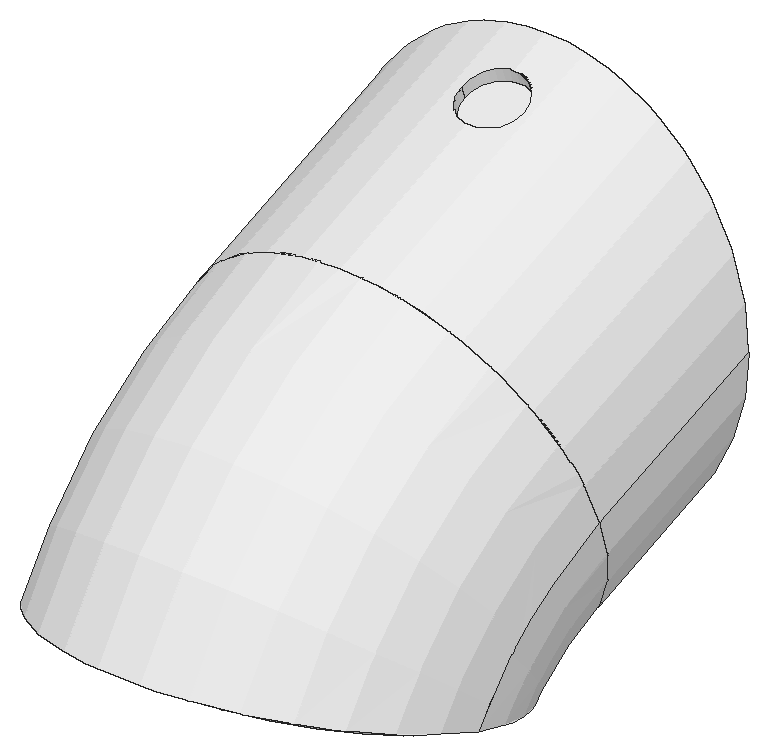
Revit family "29301", category Plumbing Fixtures, Revit 2022
Family settings
  Round Connector Dimension = Use Diameter
  Part Type = Normal
  OmniClass Number = 23.45.00.00
  OmniClass Title = Sanitary, Laundry, and Cleaning Equipment
  Work Plane-Based = Yes
  Always vertical = Yes
  Cut with Voids When Loaded = No
  Maintain Annotation Orientation = No
  Shared = No
  Room Calculation Point = No
Parameters (values of type "29301-presto")
  range = "Shower heads"
  pressure = 5.00 bar
  power = 0 VA
  min pressure = 1.00 bar
  flow = 3 L/min
  brand = "LES ROBINETS PRESTO"
  Working pressure [instance] = "1 to 5 bar"
  URL = "https://www.prestodatashare.com/espacedoc/Fiches_Techniques/GB/29301.pdf"
  Ref [instance] = "29301 - Fixed shower head"
  Recommended pressure = 3.00 bar
  Range [instance] = "Shower heads"
  Model = "29301"
  Function [instance] = "Simple rain spray\r\nFixed shower head"
  Flow [instance] = "According to the installed fittings"
  Description = "Fixed shower head"
  Default Elevation = 1219.2 mm
  > Thermal resistance : = 75.0000 (h·ft²·°F)/BTU
  > Standards & approvals = "Brass body in accordance with EN 1982, EN 12164, EN 12156"
  -Delivered with = "Instruction manual"
  - Hydraulic supply = 12.500"
Reference planes
  plane 1 "Center (Front/Back)": y = 0
  plane 2: z = 0
  plane 3 "Center (Left/Right)": x = 0
  plane 4: through (12192, -65.521, 1.879) normal (0, -0.4226, -0.9063)
  plane 5 "h": through (12192, -65.521, 1.879) normal (0, -0.4226, -0.9063)
Forms (mm)
  Sweep 1, solid, material "stain"
    path origin (-0.031, 22.23, -917.5) x (0, 1, 0) y (0, 0, 1)
      loop
        arc (-82.38, 877.419) -> (-70.707, 896.881) -> (-51.816, 909.457) r 51.625
        line (-51.816, 909.457) -> (-5.123, 927.339)
    profile origin (-0.031, -6.239, 0.898) x (0, -0.357627, 0.933864) y (1, 0, 0)
      loop
        circle (0, 0) r 32
  Extrusion 2, void
    sketch origin (-0.031, 4.73, -896.25) x (0, 1, 0) y (0, 0, 1)
      loop
        line (-4.972, 858.23) -> (38.74, 851.142) -> (-4.972, 954.12) -> (-4.972, 858.23)
    from -37.766 to 37.429
  Extrusion 3, void
    sketch origin (-0.031, 4.73, -891.25) x (0, 1, 0) y (0, 0, 1)
      loop
        line (-97.605, 876.802) -> (-110.037, 868.235) -> (-40.842, 820.376) -> (-12.303, 848.915) -> (-10.845, 854.896)
        arc (-10.845, 854.896) -> (-15.861, 855.06) -> (-20.831, 854.372) r 29.51
        arc (-20.831, 854.372) -> (-23.402, 853.356) -> (-26.157, 853.587) r 6.056
        line (-26.157, 853.587) -> (-97.605, 876.802)
    from -73.679 to 42.444
  Revolve 4, solid, material "stain"
    sketch origin (-0.031, 7.23, -892.5) x (0, 1, 0) y (0, 0, 1)
      loop
        arc (-88.138, 874.053) -> (-88.441, 873.568) -> (-88.356, 873.003) r 0.827
        arc (-88.356, 873.003) -> (-87.631, 872.662) -> (-86.856, 872.457) r 4.422
        arc (-86.856, 872.457) -> (-86.458, 872.601) -> (-86.186, 872.926) r 0.816
        arc (-86.186, 872.926) -> (-85.541, 872.882) -> (-84.992, 872.541) r 1.335
        arc (-84.992, 872.541) -> (-85.04, 872.051) -> (-84.627, 871.783) r 0.474
        line (-84.627, 871.783) -> (-81.585, 870.615)
        arc (-81.585, 870.615) -> (-81.911, 871.01) -> (-81.74, 871.492) r 0.519
        line (-81.74, 871.492) -> (-73.355, 868.768)
        arc (-73.355, 868.768) -> (-73.46, 868.135) -> (-73.053, 867.639) r 0.776
        line (-73.053, 867.639) -> (-70.346, 866.76) -> (-70.035, 867.717) -> (-64.453, 865.903)
        arc (-64.453, 865.903) -> (-64.538, 865.321) -> (-64.259, 864.803) r 0.939
        line (-64.259, 864.803) -> (-61.374, 863.865) -> (-61.032, 864.919) -> (-88.138, 874.053)
      axis (-60.936, 865.215) -> (-61.38, 863.846)
    angle from 0 to 360
  Extrusion 5, void
    sketch origin (-0.031, 317.198, -831.995) x (1, 0, 0) y (0, 0.939693, 0.34202)
      loop
        circle (0.343, -12.888) r 5
    from 923.253 to 997.191
  Revolve 6, solid, material "stain"
    sketch origin (-0.031, -0.27, -891.25) x (0, 1, 0) y (0, 0, 1)
      loop
        line (21.581, 891.43) -> (21.581, 902.116) -> (0, 902.116) -> (0, 891.43) -> (21.581, 891.43)
      axis (21.581, 891.43) -> (0, 891.43)
    angle from 0 to 360
  Sweep 7, solid, not visible
    path origin (0, 22.5, -26.25) x (0, 1, 0) y (0, 0, 1)
      loop
        arc (-82.38, 877.419) -> (-70.707, 896.881) -> (-51.816, 909.457) r 51.625
        line (-51.816, 909.457) -> (-5.123, 927.339)
    profile origin (0, -5.969, 892.148) x (0, -0.357627, 0.933864) y (1, 0, 0)
      loop
        circle (0, 0) r 32
  Extrusion 8, void, not visible
    sketch origin (0, 5, -5) x (0, 1, 0) y (0, 0, 1)
      loop
        line (-4.972, 858.23) -> (38.74, 851.142) -> (-4.972, 954.12) -> (-4.972, 858.23)
    from -37.766 to 37.429
  Extrusion 9, void, not visible
    sketch origin (0, 5, 0) x (0, 1, 0) y (0, 0, 1)
      loop
        line (-97.605, 876.802) -> (-110.037, 868.235) -> (-40.842, 820.376) -> (-12.303, 848.915) -> (-10.845, 854.896)
        arc (-10.845, 854.896) -> (-15.861, 855.06) -> (-20.831, 854.372) r 29.51
        arc (-20.831, 854.372) -> (-23.402, 853.356) -> (-26.157, 853.587) r 6.056
        line (-26.157, 853.587) -> (-97.605, 876.802)
    from -73.679 to 42.444
  Revolve 10, solid, not visible
    sketch origin (0, 7.5, -1.25) x (0, 1, 0) y (0, 0, 1)
      loop
        arc (-88.138, 874.053) -> (-88.441, 873.568) -> (-88.356, 873.003) r 0.827
        arc (-88.356, 873.003) -> (-87.631, 872.662) -> (-86.856, 872.457) r 4.422
        arc (-86.856, 872.457) -> (-86.458, 872.601) -> (-86.186, 872.926) r 0.816
        arc (-86.186, 872.926) -> (-85.541, 872.882) -> (-84.992, 872.541) r 1.335
        arc (-84.992, 872.541) -> (-85.04, 872.051) -> (-84.627, 871.783) r 0.474
        line (-84.627, 871.783) -> (-81.585, 870.615)
        arc (-81.585, 870.615) -> (-81.911, 871.01) -> (-81.74, 871.492) r 0.519
        line (-81.74, 871.492) -> (-73.355, 868.768)
        arc (-73.355, 868.768) -> (-73.46, 868.135) -> (-73.053, 867.639) r 0.776
        line (-73.053, 867.639) -> (-70.346, 866.76) -> (-70.035, 867.717) -> (-64.453, 865.903)
        arc (-64.453, 865.903) -> (-64.538, 865.321) -> (-64.259, 864.803) r 0.939
        line (-64.259, 864.803) -> (-61.374, 863.865) -> (-61.032, 864.919) -> (-88.138, 874.053)
      axis (-60.936, 865.215) -> (-61.38, 863.846)
    angle from 0 to 360
  Extrusion 11, void, not visible
    sketch origin (0, 317.469, 59.255) x (1, 0, 0) y (0, 0.939693, 0.34202)
      loop
        circle (0.343, -12.888) r 5
    from 923.253 to 997.191
  Revolve 12, solid, not visible
    sketch origin (0, 0, 0) x (0, 1, 0) y (0, 0, 1)
      loop
        line (21.581, 891.43) -> (21.581, 902.116) -> (0, 902.116) -> (0, 891.43) -> (21.581, 891.43)
      axis (21.581, 891.43) -> (0, 891.43)
    angle from 0 to 360
Cuts and joins
  Extrusion 2, Extrusion 3, Extrusion 5 cuts Sweep 1
Dimensions and locks
  aligned and locked: level to plane 2
Connectors
  piping at (-0.031, 21.311, 0.18), diameter 20
    settings: on Revolve 6, index 2, connector inside diameter 24", connector length 0 mm, flow factor 0, pipe flow 0 L/min, pressure drop 0.00 bar, fitting loss kfactor 0, connector angle 0.00°, fixture units 0, engagement length 0 mm, angle of deflection 0.00°, flow configuration 0, flow direction 0, fitting loss method 0, system type 7, joint type 0, gender type 0, connector reference index -1, connector utility 0, adjustable connector no, is connector primary yes, connector description ""
